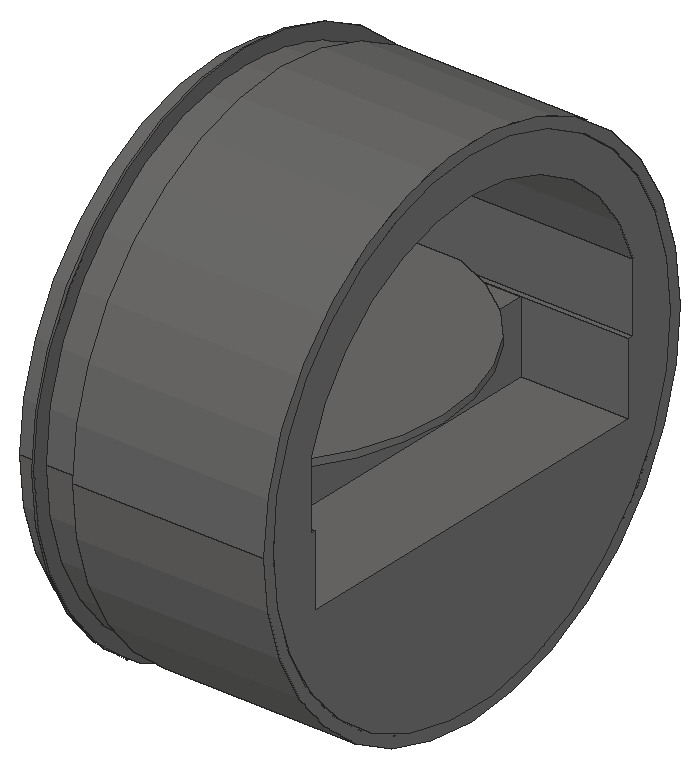
Revit family "HARMANN - Regulatory CAV serii CVD-R", category Akcesoria wentylacyjne, Revit 2022
Family settings
  Wymiar okrągłego złącza = Użyj średnicy
  Typ części = Dzieli na
  Oparty na płaszczyźnie roboczej = Nie
  Zawsze pionowo = Nie
  Tnij formami wycięć po wczytaniu = Nie
  Współdzielony = Nie
Parameters (values of type "CVD-R 04 /250")
  wenętrzny promień = 100 mm
  rozstaw 2 = rozstaw - 2.6 mm  # 92.4 mm
  rozstaw = wenętrzny promień - 5 mm  # 95 mm
  obnizenie = 35 mm
  długość początku = 30 mm
  c = 25 mm
  b = 60 mm
  Wydajność [instance] = 300.0 m³/h
  Uszczelka = 12 mm
  URL = "https://harmann.pl/strona-glowna.html"
  Komentarze typu = "Kanałowy regulator stałego przepływu CAV powietrza"  # constant formula
  Powietrze przepływ minimalny = 180.0 m³/h
  Powietrze przepływ maksymalny = 300.0 m³/h
  Otwór = 3 mm
  Numer artykułu = "09477100"
  Model = "CVD-R 04 /250"
  Masa = 0.329 kg
  Producent = "Harmann Polska Sp. z o.o."  # constant formula
  Grubośc uszczelki = 1 mm  # constant formula
  Długość = 120 mm
  Dostępna wydajność dla tego typu. Proszę wpisać odpowiednią wydajność [instance] = "180m³/h, 240m³/h, 280m³/h, 300m³/h"
  Opis = "Kanałowy regulator CVD-R 04 /250"
  Domyślna rzędna = 0 mm
  DN_środek = 235 mm
  DN_modelu = 245 mm
  DN_Uszczelki = DN - 1 mm  # 249 mm
  DN = 250 mm
  Ciśnienie wartość minimalna = 50.0 Pa  # constant formula
  Ciśnienie wartość maksymalna = 250.0 Pa  # constant formula
  Autor = ""
Types (17, lengths in mm): name | wenętrzny promień | rozstaw 2 | rozstaw | obnizenie | długość początku | c | b | Wydajność | Uszczelka | Powietrze przepływ minimalny | Powietrze przepływ maksymalny | Otwór | Numer artykułu | Model | Masa | Długość | Dostępna wydajność dla tego typu. Proszę wpisać odpowiednią wydajność | Opis | DN_środek | DN_modelu | DN_Uszczelki | DN | Autor
  (no name) | 100 | 92.4 | 95 | 35 | 30 | 25 | 60 | 300.0 m³/h | 12 | 180.0 m³/h | 300.0 m³/h | 3 | "09477100" | "CVD-R 04 /250" | 0.329 kg | 120 | "180m³/h, 240m³/h, 280m³/h, 300m³/h" | "Kanałowy regulator CVD-R 04 /250" | 235 | 245 | 249 | 250 | ""
  CVD-R 01 /80 | 33 | 25.4 | 28 | 14.198 | 21.721 | 18.7 | 21.53 | 50.0 m³/h | 17 | 15.0 m³/h | 50.0 m³/h | 1.5 | "09404100" | "CVD-R 01 /80" | 0.10 kg | 57 | "15m³/h, 30m³/h, 45m³/h, 50m³/h" | "Kanałowy regulator CVD-R 01/80." | 73 | 76 | 79 | 80 | "https://www.archispace.com/"
  CVD-R 02 /100 | 40 | 32.4 | 35 | 17 | 22 | 20.6 | 23 | 50.0 m³/h | 13 | 50.0 m³/h | 100.0 m³/h | 2 | "9413100" | "CVD-R 02 /100" | 0.10 kg | 68 | "50m³/h, 75m³/h, 90m³/h, 100m³/h" | "Kanałowy regulator CVD-R 02/100" | 93 | 96 | 99 | 100 | "https://www.archispace.com/"
  CVD-R 03 /125 | 50 | 42.4 | 45 | 21 | 21 | 23 | 25 | 180.0 m³/h | 14 | 100.0 m³/h | 180.0 m³/h | 2 | "09427100" | "CVD-R 03 /125" | 0.132 kg | 86 | "100m³/h, 120m³/h, 150m³/h, 180m³/h" | "Kanałowy regulator CVD-R 03 /125" | 117 | 120 | 124 | 125 | "https://www.archispace.com/"
  CVD-R 04 /160 | 65 | 57.4 | 60 | 30 | 24 | 26.2 | 40 | 300.0 m³/h | 14 | 180.0 m³/h | 300.0 m³/h | 3 | "09449100" | "CVD-R 04 /160" | 0.25 kg | 85 | "180m³/h, 240m³/h, 280m³/h, 300m³/h" | "Kanałowy regulator CVD-R 04 /160" | 155 | 159 | 159 | 160 | ""
  CVD-R 05 /200 | 80 | 72.4 | 75 | 35 | 30 | 25 | 50 | 500.0 m³/h | 13 | 300.0 m³/h | 500.0 m³/h | 3 | "09468100" | "CVD-R 05 /200" | 0.329 kg | 91 | "300m³/h, 350m³/h, 400m³/h, 500m³/h" | "Kanałowy regulator CVD-R 05 /200" | 195 | 190 | 199 | 200 | "https://www.archispace.com/"
  CVD-R 06 /250 | 100 | 92.4 | 95 | 35 | 30 | 25 | 60 | 800.0 m³/h | 12 | 500.0 m³/h | 800.0 m³/h | 3 | "09490100" | "CVD-R 06 /250" | 0.329 kg | 120 | "500m³/h, 600m³/h, 700m³/h, 800m³/h" | "Kanałowy regulator CVD-R 06 /250" | 235 | 245 | 249 | 250 | ""
  CVD-R 01 /100 | 40 | 32.4 | 35 | 17 | 22 | 20.6 | 23 | 50.0 m³/h | 13 | 15.0 m³/h | 50.0 m³/h | 2 | "09409100" | "CVD-R 01 /100" | 0.10 kg | 68 | "15m³/h, 30m³/h, 45m³/h, 50m³/h" | "Kanałowy regulator CVD-R 01/100" | 93 | 96 | 99 | 100 | "https://www.archispace.com/"
  CVD-R 02 /125 | 50 | 42.4 | 45 | 21 | 21 | 23 | 25 | 100.0 m³/h | 14 | 50.0 m³/h | 100.0 m³/h | 2 | "09423100" | "CVD-R 02 /125" | 0.132 kg | 86 | "50m³/h, 75m³/h, 90m³/h, 100m³/h" | "Kanałowy regulator CVD-R 02 /125" | 117 | 120 | 124 | 125 | ""
  CVD-R 01 /125 | 50 | 42.4 | 45 | 21 | 21 | 23 | 25 | 50.0 m³/h | 14 | 15.0 m³/h | 50.0 m³/h | 2 | "09419100" | "CVD-R 01 /125" | 0.132 kg | 86 | "15m³/h, 30m³/h, 45m³/h, 50m³/h" | "Kanałowy regulator CVD-R 01 /125" | 117 | 120 | 124 | 125 | ""
  CVD-R 03 /160 | 65 | 57.4 | 60 | 30 | 24 | 26.2 | 40 | 180.0 m³/h | 14 | 100.0 m³/h | 180.0 m³/h | 3 | "09444100" | "CVD-R 03 /160" | 0.25 kg | 85 | "100m³/h, 120m³/h, 150m³/h, 180m³/h" | "Kanałowy regulator CVD-R 03 /160" | 155 | 159 | 159 | 160 | ""
  CVD-R 02 /160 | 65 | 57.4 | 60 | 30 | 24 | 26.2 | 40 | 100.0 m³/h | 14 | 50.0 m³/h | 100.0 m³/h | 3 | "09441100" | "CVD-R 02 /160" | 0.25 kg | 85 | "50m³/h, 75m³/h, 90m³/h, 100m³/h" | "Kanałowy regulator CVD-R 02 /160" | 155 | 159 | 159 | 160 | ""
  CVD-R 01 /160 | 65 | 57.4 | 60 | 30 | 24 | 26.2 | 40 | 50.0 m³/h | 14 | 15.0 m³/h | 50.0 m³/h | 3 | "09440100" | "CVD-R 01 /160" | 0.25 kg | 85 | "15m³/h, 30m³/h, 45m³/h, 50m³/h" | "Kanałowy regulator CVD-R 01 /160" | 155 | 159 | 159 | 160 | ""
  CVD-R 04 /200 | 80 | 72.4 | 75 | 35 | 30 | 25 | 50 | 300.0 m³/h | 13 | 180.0 m³/h | 300.0 m³/h | 3 | "09464100" | "CVD-R 04 /200" | 0.329 kg | 91 | "180m³/h, 240m³/h, 280m³/h, 300m³/h" | "Kanałowy regulator CVD-R 04 /200" | 195 | 190 | 199 | 200 | ""
  CVD-R 03 /200 | 80 | 72.4 | 75 | 35 | 30 | 25 | 50 | 180.0 m³/h | 13 | 100.0 m³/h | 180.0 m³/h | 3 | "09457100" | "CVD-R 03 /200" | 0.329 kg | 91 | "100m³/h, 120m³/h, 150m³/h, 180m³/h" | "Kanałowy regulator CVD-R 03 /200" | 195 | 190 | 199 | 200 | ""
  CVD-R 05 /250 | 100 | 92.4 | 95 | 35 | 30 | 25 | 60 | 500.0 m³/h | 12 | 300.0 m³/h | 500.0 m³/h | 3 | "09483100" | "CVD-R 05 /250" | 0.329 kg | 120 | "300m³/h, 350m³/h, 400m³/h, 500m³/h" | "Kanałowy regulator CVD-R 05 /250" | 235 | 245 | 249 | 250 | ""
  CVD-R 04 /250 | 100 | 92.4 | 95 | 35 | 30 | 25 | 60 | 300.0 m³/h | 12 | 180.0 m³/h | 300.0 m³/h | 3 | "09477100" | "CVD-R 04 /250" | 0.329 kg | 120 | "180m³/h, 240m³/h, 280m³/h, 300m³/h" | "Kanałowy regulator CVD-R 04 /250" | 235 | 245 | 249 | 250 | ""
Reference planes
  plane 1 "Center (Front/Back)": y = 0
  plane 2: z = 0
  plane 3 "Center (Left/Right)": x = 0
  plane 4: y = 122.5
  plane 5: y = -122.5
  plane 6: x = -60
  plane 7: x = 60
  plane 8: y = 125
  plane 9: y = -125
  plane 10: y = 92.4
  plane 11: y = -92.4
  plane 12: x = -30
  plane 13: x = -48
  plane 14: z = 117.5
  plane 15: z = -117.5
  plane 16: y = 30
  plane 17: y = -30
  plane 18: x = -59
  plane 19: z = -35
  plane 20: y = 112.347
  plane 21: x = -44.538
  plane 22: y = 112.347
  plane 23: x = -44.538
Forms (mm)
  Sweep 1, solid, material "HARMANN - Stal Ocynkowana czarna", detail levels fine
    path origin (0, 0, 0) x (1, 0, 0) y (0, 1, 0)
      loop
        line (-59, 0) -> (60, 0)
    profile origin (0.5, 0, 0) x (0, 1, 0) y (0, 0, 1)
      loop
        circle (0, 0) r 117.5
      loop
        arc (95, 31.225) -> (0, 100) -> (-95, 31.225) r 100
        line (-95, 31.225) -> (-95, -1.223) -> (-92.371, -1.223) -> (-92.371, -35) -> (92.371, -35) -> (92.371, -1.223) -> (95, -1.223) -> (95, 31.225)
  Extrusion 2, solid, material "HARMANN - Stal Ocynkowana czarna", detail levels fine
    sketch origin (0, 0, 0) x (1, 0, 0) y (0, 1, 0)
      loop
        arc (-22.025, -95) -> (46.75, 0) -> (-22.025, 95) r 100
        line (-22.025, 95) -> (-47.025, 95) -> (-47.025, 92.371) -> (-59, 92.371) -> (-59, -92.371) -> (-47.025, -92.371) -> (-47.025, -95) -> (-22.025, -95)
    from -0.76 to 2.405
  Extrusion 3, solid, material "HARMANN - Stal Ocynkowana czarna", detail levels fine
    sketch origin (0, 0, 0) x (0, 1, 0) y (0, 0, 1)
      loop
        line (92.4, -1.223) -> (-92.4, -1.223) -> (-92.4, -35) -> (92.4, -35) -> (92.4, -1.223)
    from -48 to 9.358
  Extrusion 4, solid, material "HARMANN - Stal Ocynkowana czarna", detail levels fine
    sketch origin (0, 0, 0) x (0, 1, 0) y (0, 0, 1)
      loop
        line (92.371, -28.028) -> (92.371, -35) -> (-92.4, -35) -> (-92.4, -28.028) -> (-95.794, -28.028) -> (-95.794, -35) -> (-96.637, -35) -> (-96.637, -37.637) -> (-30, -113.606)
        arc (-30, -113.606) -> (0, -117.5) -> (30, -113.606) r 117.5
        line (30, -113.606) -> (96.637, -37.637) -> (96.637, -35) -> (95.794, -35) -> (95.794, -28.028) -> (92.371, -28.028)
      loop
        arc (3, -41.601) -> (0, -38.601) -> (-3, -41.601) r 3
        line (-3, -41.601) -> (-3, -113.473)
        arc (-3, -113.473) -> (0, -116.473) -> (3, -113.473) r 3
        line (3, -113.473) -> (3, -41.601)
    from -60 to -21.917
  Sweep 5, solid, material "HARMANN - Stal Ocynkowana czarna", detail levels fine
    path origin (0, 0, 0) x (1, 0, 0) y (0, 1, 0)
      loop
        line (60, -0.015) -> (-30, -0.015)
    profile origin (15, -0.015, 0) x (0, -1, 0) y (0, 0, 1)
      loop
        circle (0, 0) r 117.5
      loop
        circle (0, 0) r 122.5
  Sweep 6, solid, material "HARMANN - Uszczelka", detail levels fine
    path origin (0, 0, 0) x (1, 0, 0) y (0, 1, 0)
      loop
        line (-48, 0) -> (-47, 0)
    profile origin (-47.5, 0, 0) x (0, 1, 0) y (0, 0, 1)
      loop
        circle (0, 0) r 117.5
      loop
        circle (0, 0) r 124.5
  Sweep 7, solid, material "HARMANN - Stal Ocynkowana czarna", detail levels medium
    path origin (0, 0, 0) x (1, 0, 0) y (0, 0, 1)
      loop
        line (-60, 0) -> (60, 0)
    profile origin (0, 0, 0) x (0, 0, 1) y (0, -1, 0)
      loop
        circle (0, 0) r 122.5
Cuts and joins
  joined: Sweep 1, Extrusion 4
Lines and regions (mm)
  model lines, detail levels coarse
    curve 1: line (60, 125, 0) -> (-60, 125, 0)
    curve 2: line (60, -125, 0) -> (60, 125, 0)
    curve 3: line (-60, -125, 0) -> (60, -125, 0)
    curve 4: line (-60, 125, 0) -> (-60, -125, 0)
    curve 5: line (54.377, 116.231, 0) -> (-53.854, -115.462, 0)
    curve 6: arc (-50.288, 118.162, 0) -> (-56.103, 112.347, 0) -> (-50.288, 106.532, 0) r 5.815
    curve 7: line (-48, 106.532, 0) -> (-44.884, 118.162, 0)
    curve 8: line (-41.768, 106.532, 0) -> (-44.884, 118.162, 0)
    curve 9: line (-46.706, 111.362, 0) -> (-43.062, 111.362, 0)
    curve 10: line (-33.503, 118.014, 0) -> (-36.619, 106.384, 0)
    curve 11: line (-39.735, 118.014, 0) -> (-36.619, 106.384, 0)
  model lines, not visible, detail levels coarse
    curve 12: arc (-50.288, 118.162, 0) -> (-56.103, 112.347, 0) -> (-50.288, 106.532, 0) r 5.815
    curve 13: line (-48, 106.532, 0) -> (-44.884, 118.162, 0)
    curve 14: line (-41.768, 106.532, 0) -> (-44.884, 118.162, 0)
    curve 15: line (-46.706, 111.362, 0) -> (-43.062, 111.362, 0)
    curve 16: line (-33.503, 118.014, 0) -> (-36.619, 106.384, 0)
    curve 17: line (-39.735, 118.014, 0) -> (-36.619, 106.384, 0)
Dimensions and locks
  equal spacing: plane 5, plane 1 "Center (Front/Back)", plane 4
  equal spacing: plane 6, plane 3 "Center (Left/Right)", plane 7
  "DN_modelu": plane 5 to plane 4
  "Długość": plane 6 to plane 7
  equal spacing: plane 8, plane 1 "Center (Front/Back)", plane 9
  "DN": plane 8 to plane 9
  "rozstaw": Sweep 1 sketch curve to plane 1 "Center (Front/Back)"
  "rozstaw": plane 1 "Center (Front/Back)" to Sweep 1 sketch curve
  locked: Sweep 1 sketch curve to Sweep 1 sketch curve at 2.629  (x2)
  "rozstaw 2": plane 10 to plane 1 "Center (Front/Back)"
  "rozstaw 2": plane 1 "Center (Front/Back)" to plane 11
  locked: Extrusion 4 sketch curve to plane 10 at 3.394
  locked: Extrusion 4 sketch curve to Extrusion 4 sketch curve at 0.843  (x2)
  locked: plane 11 to Extrusion 4 sketch curve at 3.394
  "Grubośc uszczelki": Sweep 6 sketch curve to Sweep 6 sketch curve
  equal spacing: plane 15, level, plane 14
  "DN_środek": plane 15 to plane 14
  "Otwór": plane 1 "Center (Front/Back)" to Extrusion 4 sketch curve
  "Otwór": Extrusion 4 sketch curve to plane 1 "Center (Front/Back)"
  equal spacing: plane 16, plane 1 "Center (Front/Back)", plane 17
  "b": plane 16 to plane 17
  locked: Extrusion 2 sketch curve to Extrusion 2 sketch curve at 2.629
  "rozstaw": Extrusion 2 sketch curve to plane 1 "Center (Front/Back)"
  locked: plane 6 to plane 18 at 1
  "Uszczelka": plane 6 to plane 13
  "długość początku": plane 6 to plane 12
  "obnizenie": level to plane 19
  locked: Extrusion 4 sketch curve to plane 19 at 6.972
  locked: plane 19 to Extrusion 4 sketch curve at 6.972
  locked: plane 15 to Extrusion 4 sketch curve at 4.027
  locked: plane 6 to Extrusion 2 sketch curve at 12.975
  "c": Extrusion 2 sketch curve to Extrusion 2 sketch curve  (x2)
  locked: plane 18 to Extrusion 2 sketch curve at 11.975
  locked: plane 11 to Extrusion 2 sketch curve at 2.6
  locked: plane 10 to Extrusion 2 sketch curve at 2.6
  locked: plane 8 to plane 20 at 12.653
  locked: plane 18 to plane 21 at 14.462
  "DN_środek": diameter of Sweep 1 sketch curve
  "wenętrzny promień": radius of Sweep 1 sketch curve
  "DN_modelu": diameter of Sweep 5 sketch curve
  "DN_środek": diameter of Sweep 5 sketch curve
  "DN_Uszczelki": diameter of Sweep 6 sketch curve
  "DN_środek": diameter of Sweep 6 sketch curve
  "DN_środek": diameter of Extrusion 4 sketch curve
  "DN_modelu": diameter of Sweep 7 sketch curve
  "wenętrzny promień": radius of Extrusion 2 sketch curve
  aligned and locked: level to plane 2
  aligned and locked: Extrusion 3 sketch curve to plane 10
  aligned and locked: plane 11 to Extrusion 3 sketch curve
  aligned and locked: Extrusion 3 sketch curve to Sweep 1
  aligned and locked: Sweep 1 to Extrusion 4 sketch curve
  aligned and locked: plane 11 to Extrusion 4 sketch curve
  aligned and locked: plane 13 to Sweep 6 sketch curve
  aligned and locked: Extrusion 3 to plane 13
  aligned and locked: Extrusion 4 sketch curve to plane 16
  aligned and locked: plane 17 to Extrusion 4 sketch curve
  aligned and locked: Extrusion 4 to plane 6
  aligned and locked: plane 7 to Sweep 5 sketch curve
  aligned and locked: plane 12 to Sweep 5 sketch curve
  aligned and locked: plane 18 to Sweep 1 sketch curve
  aligned and locked: plane 7 to Sweep 1 sketch curve
  aligned and locked: Sweep 1 sketch curve to plane 19
  aligned and locked: Extrusion 3 sketch curve to plane 19
  aligned and locked: Extrusion 4 sketch curve to plane 19
  aligned and locked: plane 19 to Extrusion 4 sketch curve  (x2)
  aligned and locked: plane 6 to Sweep 7 sketch curve
  aligned and locked: plane 7 to Sweep 7 sketch curve
  aligned and locked: Sweep 7 sketch curve to level
  aligned and locked: Extrusion 2 sketch curve to plane 18
  aligned and locked: plane 8 to curve 1
  aligned and locked: curve 2 to plane 7
  aligned and locked: curve 3 to plane 9
  aligned and locked: curve 4 to plane 6
Automatic sketch dimensions
  plane 1 "Center (Front/Back)" to Sweep 1 sketch curve = 0 mm
  plane 1 "Center (Front/Back)" to Sweep 5 sketch curve = 0.015 mm
  plane 18 to curve 5 = 5.146 mm
  plane 7 to curve 5 = 5.623 mm
  plane 5 to curve 5 = 7.038 mm
  plane 4 to curve 5 = 6.269 mm
  Sweep 1 sketch curve to Sweep 1 sketch curve = 0 mm  (x2)
  Sweep 1 sketch curve to level = 0 mm
  Sweep 1 sketch curve to profile plane = 0 mm
  Sweep 1 sketch curve to level = 1.223 mm  (x2)
  Extrusion 2 sketch curve to plane 10 = 0.029 mm
  Extrusion 4 sketch curve to level = 0 mm
  Extrusion 4 sketch curve to plane 1 "Center (Front/Back)" = 0 mm
  plane 19 to Extrusion 4 sketch curve = 6.601 mm
  Extrusion 4 sketch curve to Extrusion 4 sketch curve = 2.637 mm
  plane 19 to Extrusion 4 sketch curve = 2.637 mm
  Sweep 5 sketch curve to Sweep 5 sketch curve = 0 mm  (x2)
  Sweep 5 sketch curve to level = 0 mm
  Sweep 5 sketch curve to profile plane = 0 mm
  plane 1 "Center (Front/Back)" to Sweep 6 sketch curve = 0 mm
  Sweep 6 sketch curve to Sweep 6 sketch curve = 0 mm  (x2)
  Sweep 6 sketch curve to level = 0 mm
  Sweep 6 sketch curve to profile plane = 0 mm
  Sweep 7 sketch curve to plane 1 "Center (Front/Back)" = 0 mm
  profile plane to Sweep 7 sketch curve = 0 mm
Connectors
  hvac at (60, -0.015, 0), driven by "DN", driven by "Powietrze przepływ maksymalny"
    settings: on Sweep 5, index 1, duct flow 300.0 m³/h, flow factor 0, pres drop 0.0 Pa, loss coef 0, conn angle 0.00°, conn width 304.8 mm, conn height 304.8 mm, conn diameter 250 mm, duct sys type 29, conn prof type 0, flow config 0, flow direction 0, loss method 4, conn ref index 2, conn util no, is conn primary yes, conn desc ""
  hvac at (-60, 0, 0), driven by "DN", driven by "Wydajność"
    settings: on Sweep 7, index 2, duct flow 300.0 m³/h, flow factor 0, pres drop 0.0 Pa, loss coef 0, conn angle 0.00°, conn width 304.8 mm, conn height 304.8 mm, conn diameter 250 mm, duct sys type 29, conn prof type 0, flow config 0, flow direction 0, loss method 6, conn ref index 1, conn util yes, is conn primary no, conn desc ""
